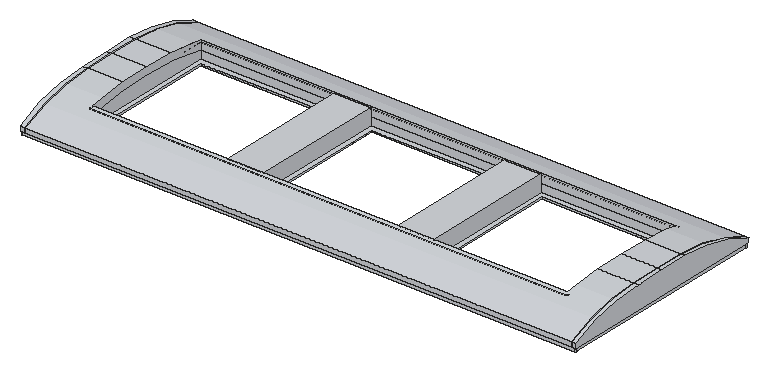
Revit family "Gira_0213808", category Electrical Fixtures, host Face, Revit 2017
Family settings
  Host = Face
  Maintain Annotation Orientation = No
  Round Connector Dimension = Use Diameter
  Part Type = Normal
  Cut with Voids When Loaded = No
  Shared = No
  Room Calculation Point = No
Parameters (values of type "Cov.fr. 3-g interm.fr. AN Gira Event p.white")
  With mounting grid = "No"
  With hinged lid = "No"
  URL = "http://katalog.gira.de/en/datenblatt.html?artikelnr=0213808"
  Type of fastening = "Clamp mounting"
  Transparent = "No"
  Surface protection = "Other"
  Suitable for wall duct = "No"
  Suitable for flush-mounted installation = "Yes"
  Suitable for floor box = "No"
  Suitable for built-in installation = "No"
  Number of units vertical = "3"
  Number of units horizontal = "3"
  Number of units = "3"
  Name = "Cov.fr. 3-g interm.fr. AN Gira Event p.white"
  Mounting direction = "Horizontal and vertical"
  Material quality = "Thermoplastic"
  Material = "Plastic"
  Manufacturer URL = "https://www.gira.de/"
  Manufacturer = "Gira"
  Label space/information surface = "No"
  Keynote = ""
  HeinzeBIM = "https://bimportal.heinze.de/bim/cov-fr-3-g-interm-fr-an-gira-event-p-white/100051403ea1dda22f06609e298a632455e73f43"
  Halogen free = "Yes"
  HAN = "0213808"
  GTIN = "4010337070139"
  Description = "Cov.fr.3g i.fr.AN Event PW,Gira Event frames,pure white glossy with anthracite intermediate frame,3-gang,Features:,- Shatter-proof."
  Degree of protection (IP) = "IP20"
  Default Elevation = 1219.2 mm
  Data sheet (1) = "https://katalog.gira.de/en/download.html?artikelnr=0213808"
  Colour = "White"
  Category = "Cover frame for domestic switching devices"
  BIM (1) = "https://media.stage.bim.site/public/gira/36a6b08/Event_Rahmen_3fach.rfa"
  Available = "No"
Reference planes
  plane 1 "Center (Front/Back)": y = 0
  plane 2: z = 0
  plane 3 "Center (Left/Right)": x = 0
Forms (mm)
  Extrusion 1, solid, detail levels fine
    sketch origin (0, 0, 0.05) x (0, 1, 0) y (0, 0, 1)
      loop
        arc (12.445, 9.683) -> (6.223, 9.833) -> (0, 9.85) r 291.636
        arc (0, 9.85) -> (-6.223, 9.833) -> (-12.445, 9.683) r 291.636
        arc (-12.445, 9.683) -> (-29.14, 7.482) -> (-45, 1.823) r 79.728
        line (-45, 1.823) -> (-45, -0.05) -> (-42.086, -0.05)
        arc (-42.086, -0.05) -> (-21.385, 5.559) -> (0, 7.206) r 114.424
        arc (0, 7.206) -> (21.385, 5.559) -> (42.086, -0.05) r 114.424
        line (42.086, -0.05) -> (45, -0.05) -> (45, 1.823)
        arc (45, 1.823) -> (29.14, 7.482) -> (12.445, 9.683) r 79.728
    from -114.3 to 114.3
  Extrusion 2, void, detail levels fine
    sketch origin (0, 0, 0) x (1, 0, 0) y (0, 1, 0)
      loop
        line (-99.355, -28.053) -> (99.355, -28.053) -> (99.355, 28.053) -> (-99.355, 28.053) -> (-99.355, -28.053)
    from 0.724 to 11
  Extrusion 3, solid, detail levels coarse
    sketch origin (0, 0, 0) x (1, 0, 0) y (0, 1, 0)
      loop
        line (-116.3, 45) -> (-116.3, -45) -> (116.3, -45) -> (116.3, 45) -> (-116.3, 45)
    from -1.5 to 9.9
  Extrusion 4, solid, detail levels medium
    sketch origin (0, 0, 0.05) x (0, 1, 0) y (0, 0, 1)
      loop
        arc (12.445, 9.683) -> (6.223, 9.833) -> (0, 9.85) r 291.636
        arc (0, 9.85) -> (-6.223, 9.833) -> (-12.445, 9.683) r 291.636
        arc (-12.445, 9.683) -> (-29.14, 7.482) -> (-45, 1.823) r 79.728
        line (-45, 1.823) -> (-45, -0.05) -> (45, -0.05) -> (45, 1.823)
        arc (45, 1.823) -> (29.14, 7.482) -> (12.445, 9.683) r 79.728
    from -116.3 to 116.3
  Extrusion 5, solid, detail levels fine
    sketch origin (-71.3, 0, -1.5) x (0, 1, 0) y (0, 0, -1)
      loop
        line (45, -3.373) -> (45, -1.5) -> (-45, -1.5) -> (-45, -3.373)
        arc (-45, -3.373) -> (-29.14, -9.032) -> (-12.445, -11.233) r 79.728
        arc (-12.445, -11.233) -> (-6.223, -11.383) -> (0, -11.4) r 291.636
        arc (0, -11.4) -> (6.223, -11.383) -> (12.445, -11.233) r 291.636
        arc (12.445, -11.233) -> (29.14, -9.032) -> (45, -3.373) r 79.728
    from 43 to 45
  Extrusion 6, solid, detail levels fine
    sketch origin (0, 0, 0) x (1, 0, 0) y (0, 1, 0)
      loop
        line (-97.195, 25.7) -> (-97.195, -25.7) -> (-45.395, -25.7) -> (-45.395, 25.7) -> (-97.195, 25.7)
      loop
        line (25.9, -25.7) -> (25.9, 25.7) -> (-25.9, 25.7) -> (-25.9, -25.7) -> (25.9, -25.7)
      loop
        line (-100.19, 28.49) -> (-100.19, -28.495)
        spline (-100.19, -28.495) -> (-100.181, -28.625) -> (-100.156, -28.754) -> (-100.113, -28.878) -> (-100.056, -28.995) -> (-99.983, -29.104) -> (-99.897, -29.202) -> (-99.798, -29.288) -> (-99.69, -29.361) -> (-99.572, -29.419) -> (-99.448, -29.461) -> (-99.32, -29.486) -> (-99.19, -29.495)
        line (-99.19, -29.495) -> (99.195, -29.495)
        spline (99.195, -29.495) -> (99.325, -29.486) -> (99.454, -29.461) -> (99.578, -29.419) -> (99.695, -29.361) -> (99.804, -29.288) -> (99.902, -29.202) -> (99.988, -29.104) -> (100.061, -28.995) -> (100.119, -28.878) -> (100.161, -28.754) -> (100.186, -28.625) -> (100.195, -28.495)
        line (100.195, -28.495) -> (100.195, 28.49)
        spline (100.195, 28.49) -> (100.186, 28.62) -> (100.161, 28.748) -> (100.119, 28.872) -> (100.061, 28.99) -> (99.988, 29.098) -> (99.902, 29.197) -> (99.804, 29.283) -> (99.695, 29.356) -> (99.578, 29.413) -> (99.454, 29.456) -> (99.325, 29.481) -> (99.195, 29.49)
        line (99.195, 29.49) -> (-99.19, 29.49)
        spline (-99.19, 29.49) -> (-99.32, 29.481) -> (-99.448, 29.456) -> (-99.572, 29.413) -> (-99.69, 29.356) -> (-99.798, 29.283) -> (-99.897, 29.197) -> (-99.983, 29.098) -> (-100.056, 28.99) -> (-100.113, 28.872) -> (-100.156, 28.748) -> (-100.181, 28.62) -> (-100.19, 28.49)
      loop
        line (97.2, -25.7) -> (97.2, 25.7) -> (45.4, 25.7) -> (45.4, -25.7) -> (97.2, -25.7)
    from 0.1 to 7.3
  Extrusion 7, solid
    sketch origin (0, 0, 0) x (1, 0, 0) y (0, 1, 0)
      loop
        arc (-116, -44.2) -> (-115.854, -44.554) -> (-115.5, -44.7) r 0.5
        line (-115.5, -44.7) -> (115.5, -44.7)
        arc (115.5, -44.7) -> (115.854, -44.554) -> (116, -44.2) r 0.5
        line (116, -44.2) -> (116, 44.2)
        arc (116, 44.2) -> (115.854, 44.554) -> (115.5, 44.7) r 0.5
        line (115.5, 44.7) -> (-115.5, 44.7)
        arc (-115.5, 44.7) -> (-115.854, 44.554) -> (-116, 44.2) r 0.5
        line (-116, 44.2) -> (-116, -44.2)
      loop
        line (-114.3, 43) -> (-114.3, -43) -> (114.3, -43) -> (114.3, 43) -> (-114.3, 43)
    from -1.5 to 0.5
  Extrusion 8, solid, detail levels fine
    sketch origin (71.3, 0, -1.5) x (0, 1, 0) y (0, 0, 1)
      loop
        arc (45, 3.373) -> (29.14, 9.032) -> (12.445, 11.233) r 79.728
        arc (12.445, 11.233) -> (6.223, 11.383) -> (0, 11.4) r 291.636
        arc (0, 11.4) -> (-6.223, 11.383) -> (-12.445, 11.233) r 291.636
        arc (-12.445, 11.233) -> (-29.14, 9.032) -> (-45, 3.373) r 79.728
        line (-45, 3.373) -> (-45, 1.5) -> (45, 1.5) -> (45, 3.373)
    from 43 to 45
  Extrusion 9, solid, detail levels medium
    sketch origin (0, 0, 0) x (1, 0, 0) y (0, 1, 0)
      loop
        line (-116, -44.7) -> (116, -44.7) -> (116, 44.7) -> (-116, 44.7) -> (-116, -44.7)
    from -1.5 to 0.5
  Extrusion 10, solid, detail levels fine
    sketch origin (-34.207, 0, 0) x (1, 0, 0) y (0, 1, 0)
      loop
        line (-8.943, 28.063) -> (-8.943, -27.937) -> (6.057, -27.937) -> (6.057, 28.063) -> (-8.943, 28.063)
    from 0.724 to 7.566
  Extrusion 11, solid, detail levels fine
    sketch origin (34.207, 0, 0) x (-1, 0, 0) y (0, -1, 0)
      loop
        line (-8.943, -28.063) -> (6.057, -28.063) -> (6.057, 27.937) -> (-8.943, 27.937) -> (-8.943, -28.063)
    from 0.724 to 7.566
Cuts and joins
  Extrusion 2 cuts Extrusion 1
  Extrusion 2 cuts Extrusion 6
Dimensions and locks
  aligned and locked: plane 2 to host face
  aligned and locked: level to host face
